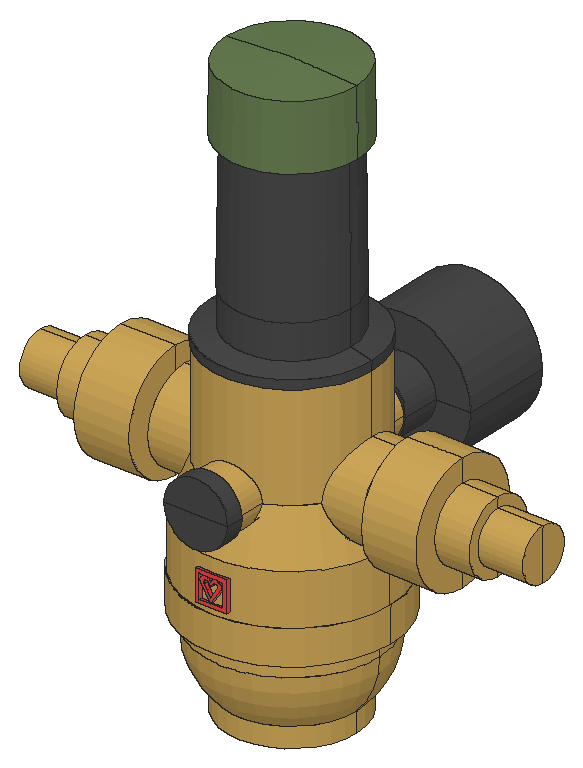
Revit family "Мембранный редуктор давления с крышкой фильтрующего элемента из латуни 2682", category Rohrzubehör, Revit 2018
Family settings
  Bemaßung runder Anschluss = Durchmesser verwenden
  Teiletyp = Unterbricht
  OmniClass-Nummer = 23.65.55.14
  OmniClass-Titel = Valves for Liquid Services
  Arbeitsebenenbasiert = Nein
  Immer vertikal = Ja
  Beim Laden mit Abzugskörper schneiden = Nein
  Gemeinsam genutzt = Nein
Parameters (values of type "Манометр сзади")
  Фильтрующий элемент = "нержавеющая сталь, размер ячейки 0.3 мм"  # constant formula
  Пружина = "пружинная сталь"  # constant formula
  Примечание = "В соответствии со статьей 33 Регламента REACH (Registration; Evaluation; Authorisation; Restriction of Chemicals) (EC № 1907/2006) мы обязаны указать, что свинец внесен в список SVHC (Substances of Very High Concern - вещества очень высокой важности) и весовой процент свинца во всех латунных компонентах заводского изготовления в наших изделиях, превышает 0,1 % (w/w) (CAS: 7439-92-1 / EINECS: 231-100-4).\r\nПоскольку свинец является легирующим компонентом сплава, прямое негативное влияние исключается, и поэтому дополнительной информации о безопасном использовании не требуется."
  Область применения = "Мембранный редуктор давления защищает установки от избыточного давления (снижает давление на входе до рабочего уровня).\r\nРедуктор также может использоваться в системах отопления для защиты водонагревателя от высокого давления.\r\nДавление на выходе настраивается в указанном диапазоне и не зависит от изменения давления на входе.\r\nДавление на выходе можно регулировать путем поворота зеленого маховика.\r\nПри повороте маховика по часовой стрелке увеличивается давление на выходе.\r\nПревышение значений, указанных на шкале редуктора, может привести к повреждению устройства.\r\nДля систем в частных домах рекомендуется установить давление на выходе равным 4 бара, что обеспечивает длительный срок службы изделия и низкие затраты во время его эксплуатации.\r\nПосле изменения настройки необходимо открыть и затем закрыть водоразборный кран и далее проконтролировать достигнутое значение настроенного давления по манометру при закрытом кране водоразбора."
  Номер заказа [instance] = size_lookup("2682_M_", "Artnr", 0, Nennweite)  # 1268221
  Направляющая пружины = "нержавеющая сталь"  # constant formula
  Маховик = "пластик PA6.6, зеленого цвета"  # constant formula
  Макс. рабочая температура = 70 °C  # constant formula
  Букса = "PA6.6"  # constant formula
  Заводская настройка давления на выходе = 300000.0 Pa  # constant formula
  W01 = 91.00°  # constant formula
  Vorne [instance] = no
  VRL03 [instance] = size_lookup("2682_M_", "VRL3", 1.000 mm, Nennweite)  # 23.500 mm
  VRL02 [instance] = size_lookup("2682_M_", "VRL2", 1.000 mm, Nennweite)  # 16.000 mm
  VRL01 [instance] = size_lookup("2682_M_", "VRL1", 1.000 mm, Nennweite)  # 73.500 mm
  VRD02 [instance] = size_lookup("2682_M_", "VRD2", 1.000 mm, Nennweite)  # 17.000 mm
  VRD01 [instance] = size_lookup("2682_M_", "VRD1", 1.000 mm, Nennweite)  # 10.500 mm
  VRAG [instance] = Nennweite / 2  # 7.500 mm
  URL = "www.herz-armaturen.ru"
  Стандарт = "EN 1567"  # constant formula
  SC_NennweiteBerechnet = 0
  SC_Dimension = ""
  SCTWSEQ = "AW;SBT_TYP_AW=\"111\";2"
  SCTWCODE = "04;24;02"  # constant formula
  S02 = 10.000 mm  # constant formula
  S01 [instance] = VRD02 * 2  # 34.000 mm
  R07 [instance] = R05 + 0.800 mm  # 9.300 mm
  R06 = 19.500 mm  # constant formula
  R05 [instance] = size_lookup("2682_M_", "R5", 1.000 mm, Nennweite)  # 8.500 mm
  R04 [instance] = size_lookup("2682_M_", "R4", 1.000 mm, Nennweite)  # 18.900 mm
  R03 [instance] = size_lookup("2682_M_", "R3", 1.000 mm, Nennweite)  # 19.250 mm
  R02 [instance] = size_lookup("2682_M_", "R2", 1.000 mm, Nennweite)  # 28.750 mm
  R01 [instance] = size_lookup("2682_M_", "R1", 1.000 mm, Nennweite)  # 23.250 mm
  Nennweite [instance] = 15.000 mm
  Мембрана = "EPDM"  # constant formula
  Среда = "Питьевая вода"  # constant formula
  Макс. давление на входе = 1600000.0 Pa  # constant formula
  Шкала манометра = "0 - 10 bar"  # constant formula
  Подключение манометра (с обеих сторон) = "1/4\" F (ISO 228-1)"
  LO01 [instance] = H02 - 2.000 mm  # 27.000 mm
  L01 [instance] = size_lookup("2682_M_", "L1", 1.000 mm, Nennweite)  # 10.600 mm
  L00 [instance] = size_lookup("2682_M_", "L", 1.000 mm, Nennweite)  # 84.000 mm
  Крышка = "латунь CW617N"  # constant formula
  Соединение "американка" = "латунь CW617N"  # constant formula
  Hinten [instance] = yes
  Hersteller = "HERZ Armaturen Ges.m.b.H."  # constant formula
  H12 [instance] = size_lookup("2682_M_", "H12", 1.000 mm, Nennweite)  # 5.800 mm
  H11 [instance] = size_lookup("2682_M_", "H11", 1.000 mm, Nennweite)  # 10.000 mm
  H10 [instance] = size_lookup("2682_M_", "H10", 1.000 mm, Nennweite)  # 37.000 mm
  H09 [instance] = H01 + H04 - H05  # 84.500 mm
  H08 [instance] = size_lookup("2682_M_", "H8", 1.000 mm, Nennweite)  # 20.000 mm
  H07 [instance] = size_lookup("2682_M_", "H7", 1.000 mm, Nennweite)  # 10.000 mm
  H06 [instance] = size_lookup("2682_M_", "H6", 1.000 mm, Nennweite)  # 2.500 mm
  H05 [instance] = size_lookup("2682_M_", "H5", 1.000 mm, Nennweite)  # 4.700 mm
  H04 [instance] = size_lookup("2682_M_", "H4", 1.000 mm, Nennweite)  # 58.700 mm
  H03 [instance] = D02 + 1.000 mm  # 14.220 mm
  H02 [instance] = size_lookup("2682_M_", "H2", 1.000 mm, Nennweite)  # 29.000 mm
  H01 [instance] = size_lookup("2682_M_", "H1", 1.000 mm, Nennweite)  # 30.500 mm
  Корпус (DN32-DN50) = "литая латунь (EN 1982; CC770S)"  # constant formula
  Корпус (DN15-DN25) = "штампованная латунь (EN 12165; CW626N)"  # constant formula
  GT1 [instance] = size_lookup("2682_M_", "GT1", 1.000 mm, Nennweite)  # 12.000 mm
  GT [instance] = size_lookup("2682_M_", "GT", 1.000 mm, Nennweite)  # 13.200 mm
  Диапазон настройки выходного давления = "1.5 - 6 bar"  # constant formula
  Уплотнение в мембранном редукторе = "EPDM"  # constant formula
  Уплотнение соединения "американка" = "Klingersil C-4324"  # constant formula
  D09 [instance] = size_lookup("2682_M_", "D9", 1.000 mm, Nennweite)  # 19.000 mm
  D08 [instance] = size_lookup("2682_M_", "D8", 1.000 mm, Nennweite)  # 25.800 mm
  D07 [instance] = size_lookup("2682_M_", "D7", 1.000 mm, Nennweite)  # 29.000 mm
  D06 [instance] = size_lookup("2682_M_", "D6", 1.000 mm, Nennweite)  # 16.000 mm
  D05 [instance] = size_lookup("2682_M_", "D5", 1.000 mm, Nennweite)  # 16.800 mm
  D04 [instance] = size_lookup("2682_M_", "D4", 1.000 mm, Nennweite)  # 17.300 mm
  D03 [instance] = size_lookup("2682_M_", "D3", 1.000 mm, Nennweite)  # 23.500 mm
  D02 [instance] = size_lookup("2682_M_", "D2", 1.000 mm, Nennweite)  # 13.220 mm
  D01 [instance] = size_lookup("2682_M_", "D1", 1.000 mm, Nennweite)  # 9.525 mm
  B03 = 5.000 mm  # constant formula
  B02 = 26.000 mm  # constant formula
  B01 [instance] = size_lookup("2682_M_", "B1", 1.000 mm, Nennweite)  # 30.000 mm
  B00 [instance] = size_lookup("2682_M_", "B", 1.000 mm, Nennweite)  # 67.000 mm
  Наружная резьба подключения = "в соответствии с ISO 7-1 и ISO228"  # constant formula
Types (3, lengths in mm): name | Vorne | Hinten
  (no name) | no | yes
  Манометр спереди | yes | no
  Манометр сзади | no | yes
Reference planes
  plane 1 "Mitte (Vorne/hinten)": y = 0
  plane 2: z = 0
  plane 3 "Mitte (Links/rechts)": x = 0
Forms (mm)
  Revolve 1, solid, material "Messing, weicher Gelbton, geschweißt", detail levels fine
    sketch origin (0, 0, 0) x (1, 0, 0) y (0, 0, 1)
      loop
        line (-42, 0) -> (42, 0) -> (42, 9.525) -> (31.4, 9.525) -> (31.4, 13.22) -> (-31.4, 13.22) -> (-31.4, 9.525) -> (-42, 9.525) -> (-42, 0)
      axis (-42, 0) -> (42, 0)
    angle from 0 to 360
  Revolve 2, solid, material "Messing, weicher Gelbton, geschweißt", detail levels fine
    sketch origin (0, 0, 0) x (1, 0, 0) y (0, 0, 1)
      loop
        line (0, -29) -> (28.75, -29) -> (28.75, -14.22) -> (23.25, 0) -> (23.25, 30.5) -> (0, 30.5) -> (0, -29)
      axis (0, 30.5) -> (0, -29)
    angle from 0 to 360
  Revolve 3, solid, material "Acetalharz, Schwarz", detail levels fine
    sketch origin (0, 0, 0) x (1, 0, 0) y (0, 0, 1)
      loop
        line (0, 30.5) -> (0, 89.2) -> (-16, 89.2) -> (-16, 84.5) -> (-16.8, 84.5) -> (-17.3, 44.5) -> (-17.3, 34.5) -> (-23.5, 33) -> (-23.5, 30.5) -> (0, 30.5)
      axis (0, 89.2) -> (0, 30.5)
    angle from 0 to 360
  Revolve 4, solid, material "Kunststoff GRÜN", detail levels fine
    sketch origin (0, 0, 0) x (1, 0, 0) y (0, 0, 1)
      loop
        line (0, 84.5) -> (19.25, 84.5) -> (18.9, 103.392)
        arc (18.9, 103.392) -> (9.466, 104.223) -> (0, 104.5) r 161.794
        line (0, 104.5) -> (0, 84.5)
      axis (0, 104.5) -> (0, 84.5)
    angle from 0 to 360
  Revolve 5, solid, material "Messing, weicher Gelbton, geschweißt", detail levels fine
    sketch origin (0, 0, 0) x (1, 0, 0) y (0, 0, 1)
      loop
        line (0, -29) -> (0, -66) -> (19, -66) -> (19, -60.2)
        arc (19, -60.2) -> (24.034, -52.577) -> (25.8, -43.615) r 23.626
        line (25.8, -43.615) -> (25.8, -39) -> (29, -39) -> (29, -29) -> (0, -29)
      axis (0, -29) -> (0, -66)
    angle from 0 to 360
  Revolve 6, solid, material "Messing, weicher Gelbton, geschweißt", detail levels fine
    sketch origin (0, 0, 0) x (1, 0, 0) y (0, 0, 1)
      loop
        line (34, 9.525) -> (46, 9.525) -> (46, 0) -> (73.5, 0) -> (73.5, 7.5) -> (60.3, 7.5) -> (60.3, 10.5) -> (50, 10.5) -> (50, 17) -> (34, 17) -> (34, 9.525)
      loop
        line (-34, 9.525) -> (-34, 17) -> (-50, 17) -> (-50, 10.5) -> (-60.3, 10.5) -> (-60.3, 7.5) -> (-73.5, 7.5) -> (-73.5, 0) -> (-46, 0) -> (-46, 9.525) -> (-34, 9.525)
      axis (-73.5, 0) -> (73.5, 0)
    angle from 0 to 360
  Revolve 7, solid, material "Messing, weicher Gelbton, geschweißt", detail levels fine
    sketch origin (0, 0, 0) x (1, 0, 0) y (0, 1, 0)
      loop
        line (0, 30) -> (0, -30) -> (8.5, -30) -> (8.5, 30) -> (0, 30)
      axis (0, 30) -> (0, -30)
    angle from 0 to 360
  Revolve 8, solid, material "Acetalharz, Schwarz", visible <- "Vorne", detail levels fine
    sketch origin (0, 0, 0) x (1, 0, 0) y (0, 1, 0)
      loop
        line (0, -30) -> (0, -65) -> (17.5, -65) -> (17.5, -67) -> (19.5, -67) -> (19.5, -41) -> (9.3, -41) -> (9.3, -30) -> (0, -30)
      axis (0, -30) -> (0, -67)
    angle from 0 to 360
  Revolve 9, solid, material "Acetalharz, Schwarz", visible <- "Vorne", detail levels fine
    sketch origin (0, 0, 0) x (1, 0, 0) y (0, 1, 0)
      loop
        line (0, 30) -> (9.3, 30) -> (9.3, 35) -> (0, 35) -> (0, 30)
      axis (0, 35) -> (0, 30)
    angle from 0 to 360
  Revolve 10, solid, material "Acetalharz, Schwarz", visible <- "Hinten", detail levels fine
    sketch origin (0, 0, 0) x (1, 0, 0) y (0, -1, 0)
      loop
        line (0, 30) -> (9.3, 30) -> (9.3, 35) -> (0, 35) -> (0, 30)
      axis (0, 35) -> (0, 30)
    angle from 0 to 360
  Revolve 11, solid, material "Acetalharz, Weiß", visible <- "Vorne", detail levels fine
    sketch origin (0, 0, 0) x (1, 0, 0) y (0, 1, 0)
      loop
        line (0, -65) -> (0, -66.5) -> (17.5, -66.5) -> (17.5, -65) -> (0, -65)
      axis (0, -65) -> (0, -66.5)
    angle from 0 to 360
  Revolve 12, solid, material "Acetalharz, Schwarz", visible <- "Hinten", detail levels fine
    sketch origin (0, 0, 0) x (1, 0, 0) y (0, -1, 0)
      loop
        line (0, -30) -> (0, -65) -> (17.5, -65) -> (17.5, -67) -> (19.5, -67) -> (19.5, -41) -> (9.3, -41) -> (9.3, -30) -> (0, -30)
      axis (0, -30) -> (0, -67)
    angle from 0 to 360
  Revolve 13, solid, material "Acetalharz, Weiß", visible <- "Hinten", detail levels fine
    sketch origin (0, 0, 0) x (1, 0, 0) y (0, -1, 0)
      loop
        line (0, -65) -> (0, -66.5) -> (17.5, -66.5) -> (17.5, -65) -> (0, -65)
      axis (0, -65) -> (0, -66.5)
    angle from 0 to 360
Lines and regions (mm)
  model lines, detail levels coarse+medium
    curve 1: line (-42, 0, -17) -> (-42, 0, 17)
    curve 2: line (-42, 0, 17) -> (42, 0, -34)
    curve 3: line (42, 0, -34) -> (42, 0, 34)
    curve 4: line (42, 0, 34) -> (-42, 0, -17)
    curve 5: line (-42, 0, 17) -> (-52, 0, 17)
    curve 6: line (-52, 0, 17) -> (-42, 0, 0)
    curve 7: line (-42, 0, -17) -> (-52, 0, -17)
    curve 8: line (-52, 0, -17) -> (-42, 0, 0)
    curve 9: line (-42, 0, 0) -> (-73.5, 0, 0)
    curve 10: line (42, 0, 17) -> (52, 0, 17)
    curve 11: line (52, 0, 17) -> (42, 0, 0)
    curve 12: line (42, 0, -17) -> (52, 0, -17)
    curve 13: line (52, 0, -17) -> (42, 0, 0)
    curve 14: line (42, 0, 0) -> (73.5, 0, 0)
    curve 15: line (-42, -17, 0) -> (-42, 17, 0)
    curve 16: line (-42, 17, 0) -> (42, -34, 0)
    curve 17: line (42, -34, 0) -> (42, 34, 0)
    curve 18: line (42, 34, 0) -> (-42, -17, 0)
    curve 19: line (-42, 17, 0) -> (-52, 17, 0)
    curve 20: line (-52, 17, 0) -> (-42, 0, 0)
    curve 21: line (-42, -17, 0) -> (-52, -17, 0)
    curve 22: line (-52, -17, 0) -> (-42, 0, 0)
    curve 23: line (42, 0, -17) -> (42, 0, 17)
    curve 24: line (42, 0, 17) -> (52, 0, 17)
    curve 25: line (52, 0, 17) -> (42, 0, 0)
    curve 26: line (42, 17, 0) -> (52, 17, 0)
    curve 27: line (52, 17, 0) -> (42, 0, 0)
    curve 28: line (42, -17, 0) -> (52, -17, 0)
    curve 29: line (52, -17, 0) -> (42, 0, 0)
Dimensions and locks
  equal spacing: Revolve 1 sketch curve, plane 3 "Mitte (Links/rechts)", Revolve 1 sketch curve
  "L00": Revolve 1 sketch curve to Revolve 1 sketch curve
  "L01": Revolve 1 sketch curve to Revolve 1 sketch curve  (x2)
  "D01": Revolve 1 sketch curve to Revolve 1 sketch curve  (x2)
  "D02": Revolve 1 sketch curve to plane 2
  "R01": Revolve 2 sketch curve to Revolve 2 sketch curve
  "R02": Revolve 2 sketch curve to Revolve 2 sketch curve
  "H01": Revolve 2 sketch curve to plane 2
  "H02": plane 2 to Revolve 2 sketch curve
  "H03": plane 2 to Revolve 2 sketch curve
  "H01": Revolve 3 sketch curve to plane 2
  "H04": Revolve 3 sketch curve to Revolve 3 sketch curve
  "H05": Revolve 3 sketch curve to Revolve 3 sketch curve
  "H06": Revolve 3 sketch curve to Revolve 3 sketch curve
  "H07": Revolve 3 sketch curve to Revolve 3 sketch curve
  "D03": Revolve 3 sketch curve to Revolve 3 sketch curve
  "D04": Revolve 3 sketch curve to Revolve 3 sketch curve
  "D05": Revolve 3 sketch curve to Revolve 3 sketch curve
  "D06": Revolve 3 sketch curve to Revolve 3 sketch curve
  "R03": Revolve 4 sketch curve to Revolve 4 sketch curve
  "H08": Revolve 4 sketch curve to Revolve 4 sketch curve
  "R04": Revolve 4 sketch curve to plane 3 "Mitte (Links/rechts)"
  "H09": Revolve 4 sketch curve to plane 2
  "H10": Revolve 5 sketch curve to Revolve 5 sketch curve
  "H02": plane 2 to Revolve 5 sketch curve
  "D07": Revolve 5 sketch curve to Revolve 5 sketch curve
  "H11": Revolve 5 sketch curve to Revolve 5 sketch curve
  "D08": Revolve 5 sketch curve to Revolve 5 sketch curve
  "H12": Revolve 5 sketch curve to Revolve 5 sketch curve
  "D09": Revolve 5 sketch curve to Revolve 5 sketch curve
  "VRL02": Revolve 6 sketch curve to Revolve 6 sketch curve  (x2)
  "VRL01": Revolve 6 sketch curve to plane 3 "Mitte (Links/rechts)"
  "GT": Revolve 6 sketch curve to Revolve 6 sketch curve  (x2)
  "VRL03": Revolve 6 sketch curve to Revolve 6 sketch curve  (x2)
  "D01": Revolve 6 sketch curve to plane 2  (x2)
  "GT1": Revolve 6 sketch curve to Revolve 6 sketch curve  (x2)
  "VRAG": Revolve 6 sketch curve to plane 2  (x2)
  "VRD01": Revolve 6 sketch curve to plane 2  (x2)
  "VRD02": Revolve 6 sketch curve to Revolve 6 sketch curve  (x2)
  "VRL01": plane 3 "Mitte (Links/rechts)" to Revolve 6 sketch curve
  "B01": Revolve 7 sketch curve to plane 1 "Mitte (Vorne/hinten)" to Revolve 7 sketch curve
  "R05": Revolve 7 sketch curve to Revolve 7 sketch curve
  "B00": Revolve 8 sketch curve to plane 1 "Mitte (Vorne/hinten)"
  "B01": plane 1 "Mitte (Vorne/hinten)" to Revolve 8 sketch curve
  "B02": Revolve 8 sketch curve to Revolve 8 sketch curve
  "R06": Revolve 8 sketch curve to Revolve 8 sketch curve
  "R07": Revolve 8 sketch curve to Revolve 8 sketch curve
  "R02": nested 1 to plane 1 "Mitte (Vorne/hinten)"
  "LO01": plane 2 to nested 1
  "VRD02": curve 2 to plane 2 to curve 4
  "S01": curve 4 to plane 2 to curve 3
  equal spacing: curve 3, plane 3 "Mitte (Links/rechts)", curve 1
  "L00": curve 3 to curve 1
  "S02": curve 1 to curve 6
  "S02": curve 1 to curve 8
  "VRL01": plane 3 "Mitte (Links/rechts)" to curve 9
  "S02": curve 11 to curve 3
  "S02": curve 13 to curve 3
  "VRL01": curve 14 to plane 3 "Mitte (Links/rechts)"
  "VRD02": curve 10 to plane 2 to curve 12
  equal spacing: curve 15, plane 3 "Mitte (Links/rechts)", curve 17
  "L00": curve 15 to curve 17
  "VRD02": curve 18 to plane 1 "Mitte (Vorne/hinten)" to curve 16
  "S01": curve 17 to plane 1 "Mitte (Vorne/hinten)" to curve 18
  "S02": curve 20 to curve 15
  "S02": curve 22 to curve 15
  "S02": curve 17 to curve 27
  "S02": curve 17 to curve 29
  "VRD02": curve 28 to plane 1 "Mitte (Vorne/hinten)" to curve 26
  "R07": Revolve 9 sketch curve to Revolve 9 sketch curve
  "B03": Revolve 9 sketch curve to Revolve 9 sketch curve
  "B01": plane 1 "Mitte (Vorne/hinten)" to Revolve 9 sketch curve
  "R07": Revolve 10 sketch curve to Revolve 10 sketch curve
  "B03": Revolve 10 sketch curve to Revolve 10 sketch curve
  "B01": Revolve 10 sketch curve to plane 1 "Mitte (Vorne/hinten)"
  "B02": Revolve 12 sketch curve to Revolve 12 sketch curve
  "R06": Revolve 12 sketch curve to Revolve 12 sketch curve
  "R07": Revolve 12 sketch curve to Revolve 12 sketch curve
  aligned and locked: level to plane 2
Automatic sketch dimensions
  Revolve 11 sketch curve to plane 3 "Mitte (Links/rechts)" = 0.000 mm  (x2)
  plane 3 "Mitte (Links/rechts)" to Revolve 11 sketch curve = 17.500 mm
  plane 1 "Mitte (Vorne/hinten)" to Revolve 11 sketch curve = 66.500 mm
  Revolve 11 sketch curve to Revolve 11 sketch curve = 1.500 mm
  Revolve 11 sketch curve to Revolve 11 sketch curve = 1933.500 mm
  Revolve 11 sketch curve to plane 1 "Mitte (Vorne/hinten)" = 2000.000 mm
  Revolve 13 sketch curve to plane 3 "Mitte (Links/rechts)" = 0.000 mm  (x2)
  Revolve 13 sketch curve to plane 3 "Mitte (Links/rechts)" = 17.500 mm
  plane 1 "Mitte (Vorne/hinten)" to Revolve 13 sketch curve = 66.500 mm
  Revolve 13 sketch curve to Revolve 13 sketch curve = 1.500 mm
  Revolve 13 sketch curve to Revolve 13 sketch curve = 1933.500 mm
  Revolve 13 sketch curve to plane 1 "Mitte (Vorne/hinten)" = 2000.000 mm
  curve 25 to level = 0.000 mm
  curve 14 to level = 0.000 mm
  curve 6 to level = 0.000 mm
  curve 8 to level = 0.000 mm
  curve 24 to curve 10 = 0.000 mm
  plane 1 "Mitte (Vorne/hinten)" to curve 29 = 0.000 mm
  plane 1 "Mitte (Vorne/hinten)" to curve 20 = 0.000 mm
  Revolve 1 sketch curve to level = 0.000 mm  (x2)
  Revolve 1 sketch curve to Revolve 1 sketch curve = 1464.530 mm
  Revolve 1 sketch curve to Revolve 1 sketch curve = 1797.148 mm
  Revolve 2 sketch curve to plane 3 "Mitte (Links/rechts)" = 0.000 mm  (x2)
  Revolve 2 sketch curve to level = 0.000 mm
  Revolve 2 sketch curve to Revolve 2 sketch curve = 337.045 mm
  Revolve 2 sketch curve to Revolve 2 sketch curve = 2183.815 mm
  Revolve 3 sketch curve to plane 3 "Mitte (Links/rechts)" = 0.000 mm  (x2)
  Revolve 3 sketch curve to Revolve 3 sketch curve = 1.500 mm
  Revolve 3 sketch curve to level = 366.045 mm
  Revolve 3 sketch curve to Revolve 3 sketch curve = 2125.115 mm
  Revolve 4 sketch curve to plane 3 "Mitte (Links/rechts)" = 0.000 mm  (x2)
  Revolve 4 sketch curve to level = 57.294 mm
  Revolve 4 sketch curve to Revolve 4 sketch curve = 308.751 mm
  Revolve 4 sketch curve to Revolve 4 sketch curve = 2109.815 mm
  Revolve 5 sketch curve to plane 3 "Mitte (Links/rechts)" = 0.000 mm  (x2)
  plane 3 "Mitte (Links/rechts)" to Revolve 5 sketch curve = 2.174 mm
  Revolve 5 sketch curve to Revolve 5 sketch curve = 300.045 mm
  level to Revolve 5 sketch curve = 2214.315 mm
  Revolve 6 sketch curve to level = 0.000 mm  (x3)
  Revolve 6 sketch curve to Revolve 6 sketch curve = 1433.030 mm
  Revolve 6 sketch curve to Revolve 6 sketch curve = 1765.648 mm
  Revolve 7 sketch curve to plane 3 "Mitte (Links/rechts)" = 0.000 mm  (x2)
  Revolve 7 sketch curve to Revolve 7 sketch curve = 1950.000 mm  (x2)
  Revolve 8 sketch curve to plane 3 "Mitte (Links/rechts)" = 0.000 mm  (x2)
  Revolve 8 sketch curve to Revolve 8 sketch curve = 2.000 mm  (x2)
  Revolve 8 sketch curve to Revolve 8 sketch curve = 1936.000 mm
  Revolve 8 sketch curve to plane 1 "Mitte (Vorne/hinten)" = 2000.000 mm
  Revolve 9 sketch curve to plane 3 "Mitte (Links/rechts)" = 0.000 mm  (x2)
  plane 1 "Mitte (Vorne/hinten)" to Revolve 9 sketch curve = 2000.000 mm
  Revolve 9 sketch curve to Revolve 9 sketch curve = 1963.669 mm
  Revolve 10 sketch curve to plane 3 "Mitte (Links/rechts)" = 0.000 mm  (x2)
  plane 1 "Mitte (Vorne/hinten)" to Revolve 10 sketch curve = 2000.000 mm
  Revolve 10 sketch curve to Revolve 10 sketch curve = 1963.669 mm
  Revolve 12 sketch curve to plane 3 "Mitte (Links/rechts)" = 0.000 mm  (x2)
  Revolve 12 sketch curve to Revolve 12 sketch curve = 2.000 mm  (x2)
  plane 1 "Mitte (Vorne/hinten)" to Revolve 12 sketch curve = 67.000 mm
  Revolve 12 sketch curve to Revolve 12 sketch curve = 11.000 mm
  Revolve 12 sketch curve to Revolve 12 sketch curve = 1936.000 mm
  Revolve 12 sketch curve to plane 1 "Mitte (Vorne/hinten)" = 2000.000 mm
Nested families
  nested 1: "Herz-Logo-vorne" at (0, -28.75, -22.5) x (0, 1, 0) z (0, 0, 1), type "Herz-Logo-vorne", detail levels fine
Connectors
  piping at (73.5, 0, 0), diameter 15, driven by "Nennweite"
    settings: on Revolve 6, index 1, connector inside diameter 609.6 mm, connector length 0.000 mm, flow factor 0, pipe flow 0.0 L/s, pressure drop 0.0 Pa, fitting loss kfactor 0, connector angle 0.00°, fixture units 0, engagement length 0.000 mm, angle of deflection 0.00°, flow configuration 0, flow direction 2, fitting loss method 0, system type 29, joint type 0, gender type 0, connector reference index -1, connector utility 0, adjustable connector no, is connector primary yes, connector description ""
  piping at (-73.5, 0, 0), diameter 15, driven by "Nennweite"
    settings: on Revolve 6, index 2, connector inside diameter 609.6 mm, connector length 0.000 mm, flow factor 0, pipe flow 0.0 L/s, pressure drop 0.0 Pa, fitting loss kfactor 0, connector angle 0.00°, fixture units 0, engagement length 0.000 mm, angle of deflection 0.00°, flow configuration 0, flow direction 1, fitting loss method 0, system type 29, joint type 0, gender type 0, connector reference index -1, connector utility 0, adjustable connector no, is connector primary no, connector description ""
Definition of nested family "Herz-Logo-vorne"
  Reference planes
    plane 1 "Mitte (Vorne/hinten)": y = 0
    plane 2: z = 0
    plane 3 "Mitte (Links/rechts)": x = 0
  Forms (mm)
    Extrusion 1, solid
      sketch origin (0.732, -0.018, 0.017) x (0, -1, 0) y (0, 0, 1)
        loop
          line (-0.018, -4.517) -> (4.482, -4.517) -> (4.482, 4.483) -> (-4.518, 4.483) -> (-4.518, -4.517) -> (-0.018, -4.517)
        loop
          line (-0.05, -3.48) -> (3.482, -3.48) -> (3.482, 3.483) -> (-3.518, 3.483) -> (-3.518, -3.48) -> (-0.05, -3.48)
        loop
          arc (-0.018, 2.383) -> (-1.543, 3.287) -> (-3.067, 2.383) r 1.738
          arc (-3.067, 2.383) -> (-3.191, 1.899) -> (-3.067, 1.415) r 1.009
          line (-3.067, 1.415) -> (-0.018, -3.281) -> (3.032, 1.415)
          arc (3.032, 1.415) -> (3.156, 1.899) -> (3.032, 2.383) r 1.009
          arc (3.032, 2.383) -> (1.507, 3.287) -> (-0.018, 2.383) r 1.738
        loop
          arc (1.885, 1.272) -> (2.005, 1.675) -> (1.885, 2.079) r 0.74
          arc (1.885, 2.079) -> (1.265, 2.416) -> (0.644, 2.079) r 0.74
          line (0.644, 2.079) -> (-0.018, 0.97) -> (-0.679, 2.079)
          arc (-0.679, 2.079) -> (-1.3, 2.416) -> (-1.921, 2.079) r 0.74
          arc (-1.921, 2.079) -> (-2.04, 1.675) -> (-1.921, 1.272) r 0.74
          line (-1.921, 1.272) -> (-0.018, -1.658) -> (1.885, 1.272)
      from 0 to 1.5
  Dimensions and locks
    aligned and locked: level to plane 2
